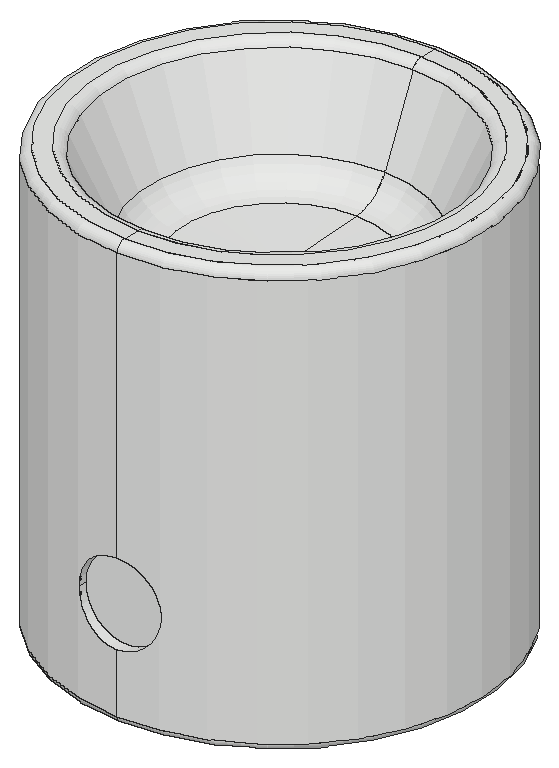
Revit family "Faucet-Handle-KOHLER-COMPOSED-K-20449T", category Specialty Equipment, host Face, Revit 2017
Family settings
  Host = Face
  Round Connector Dimension = Use Diameter
  Part Type = Normal
  OmniClass Number = 23.31.25.00
  Cut with Voids When Loaded = No
  Shared = No
  Room Calculation Point = No
Parameters (values of type "0-White")
  Width = 1 87/256"  # constant formula
  WaterSense Certified = 1 = 0  # no
  URL = "http://www.kohler.com.cn/"
  Type = 1
  Product Page URL = ""
  Product Name = "COMPOSED\r\n"  # constant formula
  Product Documentation Link = ""
  Model = if(Type = 1, "K-20449T-B7-0", if(Type = 2, "K-20449T-B7-BL", if(Type = 3, "K-20449T-B7-RGD", if(Type = 4, "K-20449T-B7-TT", "NA"))))  # "K-20449T-B7-0"
  Material = "Brass Construction"  # constant formula
  Master Format 2014 Name = "Toilet, Bath, and Laundry Accessories"  # constant formula
  Master Format 2014 = "10 28 00"  # constant formula
  Manufacturer Address = "Kohler Beijing Office (100016)\n36-2-03-B, No. 88, Liuxiang Road, Beijing"  # constant formula
  Manufacturer = "KOHLER Co."  # constant formula
  Length = 1 117/256"  # constant formula
  Height = 1 87/256"  # constant formula
  Finish = Kohler-Metal-0-White
  Environmental Product Declaration = ""
  Description = "Composed Faucet Lavatory Handles"  # constant formula
  Default Elevation = 42"
  Declare Label = ""
  Date Modified = "10/18/2021"  # constant formula
  Date Created = "10/18/2021"  # constant formula
  Copyright = "Copyright KOHLER Co."  # constant formula
  Contact Us = "http://www.kohler.com.cn/contact/contact-us/"
  Assembly Code = "C1030200"
  ADA Compliant = 1 = 0  # no
Types (5): name | Type | Model | Finish
  (no name) | 1 | "K-20449T-B7-0" | Kohler-Metal-0-White
  0-White | 1 | "K-20449T-B7-0" | Kohler-Metal-0-White
  BL-Matte Black | 2 | "K-20449T-B7-BL" | Kohler-Metal-BL-Matte_Black
  RGD-Rose Gold | 3 | "K-20449T-B7-RGD" | Kohler-Metal-RGD-Rose_Gold
  TT-Titanium Silver | 4 | "K-20449T-B7-TT" | Kohler-Metal-TT-Titanium_Silver
Reference planes (in)
  plane 1 "Center (Front/Back)": y = 0
  plane 2: z = 0
  plane 3 "Center (Left/Right)": x = 0
  plane 4: y = 0.66929
  plane 5: x = 0.66929
  plane 6: x = -0.67055
  plane 7: y = -0.67055
  plane 8: z = 1.45703
  plane 9: z = 0.03937
Dimensions and locks (in)
  "Width": plane 6 to plane 5
  "Height": plane 4 to plane 7
  "Length": level to plane 8
  aligned and locked: plane 2 to host face
  aligned and locked: level to host face
Automatic sketch dimensions
  host sketch curve to host sketch curve = 96"  (x2)
Nested families (in)
  nested 1: "K-20449T" at (0, 0, 0), type "K-20449T"
Definition of nested family "K-20449T"
  Parameters (values of type "K-20449T")
    Material = none
  Reference planes (in)
    plane 1 "Center (Front/Back)": y = 0
    plane 2: z = 0
    plane 3 "Center (Left/Right)": x = 0
    plane 4: y = 0.66929
    plane 5: x = 0.66929
    plane 6: x = -0.66929
    plane 7: y = -0.66929
    plane 8: z = 1.45669
    plane 9: z = 0.03937
  Forms (in)
    Revolve 1, solid, material <- "Material", detail levels medium+fine
      sketch origin (0, 0, 0) x (0, 1, 0) y (0, 0, 1)
        loop
          line (-0.43148, 1.1829) -> (-0.54818, 1.43315)
          arc (-0.54818, 1.43315) -> (-0.56322, 1.45031) -> (-0.58513, 1.45669) r 0.04077
          line (-0.58513, 1.45669) -> (-0.63965, 1.45669)
          arc (-0.63965, 1.45669) -> (-0.66061, 1.44801) -> (-0.66929, 1.42706) r 0.02964
          line (-0.66929, 1.42706) -> (-0.66929, 0.05964)
          arc (-0.66929, 0.05964) -> (-0.66335, 0.04531) -> (-0.64902, 0.03937) r 0.02027
          line (-0.64902, 0.03937) -> (-0.61155, 0.03937) -> (-0.59591, 0.08902) -> (-0.59591, 0.12188)
          arc (-0.59591, 0.12188) -> (-0.59324, 0.14524) -> (-0.58535, 0.16738) r 0.10322
          arc (-0.58535, 0.16738) -> (-0.55388, 0.25331) -> (-0.54108, 0.34392) r 0.43498
          line (-0.54108, 0.34392) -> (-0.52084, 0.92354)
          arc (-0.52084, 0.92354) -> (-0.49545, 0.98056) -> (-0.43759, 1.00394) r 0.0833
          line (-0.43759, 1.00394) -> (0, 1.00394) -> (0, 1.08973)
          arc (0, 1.08973) -> (-0.15892, 1.09393) -> (-0.31759, 1.10378) r 4.46364
          arc (-0.31759, 1.10378) -> (-0.38521, 1.12797) -> (-0.43148, 1.1829) r 0.1378
        axis (0, 1.45669) -> (0, 0.03937)
      angle from 0 to 360
    Extrusion 2, solid, material <- "Material", detail levels medium+fine
      sketch origin (0, 0, 0) x (1, 0, 0) y (0, 1, 0)
        loop
          arc (0.17913, 0.15939) -> (0.17335, 0.17335) -> (0.15939, 0.17913) r 0.01974
          line (0.15939, 0.17913) -> (0.08162, 0.17913)
          arc (0.08162, 0.17913) -> (0, 0.19882) -> (-0.08162, 0.17913) r 0.17904
          line (-0.08162, 0.17913) -> (-0.15744, 0.17913)
          arc (-0.15744, 0.17913) -> (-0.17278, 0.17278) -> (-0.17913, 0.15744) r 0.02169
          line (-0.17913, 0.15744) -> (-0.17913, 0.08162)
          arc (-0.17913, 0.08162) -> (-0.19882, 0) -> (-0.17913, -0.08162) r 0.17904
          line (-0.17913, -0.08162) -> (-0.17913, -0.15847)
          arc (-0.17913, -0.15847) -> (-0.17308, -0.17308) -> (-0.15847, -0.17913) r 0.02066
          line (-0.15847, -0.17913) -> (-0.10827, -0.17913)
          arc (-0.10827, -0.17913) -> (0, -0.21063) -> (0.10827, -0.17913) r 0.20183
          line (0.10827, -0.17913) -> (0.15859, -0.17913)
          arc (0.15859, -0.17913) -> (0.17312, -0.17312) -> (0.17913, -0.15859) r 0.02054
          line (0.17913, -0.15859) -> (0.17913, -0.08162)
          arc (0.17913, -0.08162) -> (0.19882, 0) -> (0.17913, 0.08162) r 0.17904
          line (0.17913, 0.08162) -> (0.17913, 0.15939)
        loop
          arc (-0.18035, 0.24608) -> (-0.21987, 0.22971) -> (-0.23624, 0.19019) r 0.05589
          line (-0.23624, 0.19019) -> (-0.23624, -0.19019)
          arc (-0.23624, -0.19019) -> (-0.21987, -0.22971) -> (-0.18035, -0.24608) r 0.05589
          line (-0.18035, -0.24608) -> (0.18035, -0.24608)
          arc (0.18035, -0.24608) -> (0.21987, -0.22971) -> (0.23624, -0.19019) r 0.05589
          line (0.23624, -0.19019) -> (0.23624, 0.19019)
          arc (0.23624, 0.19019) -> (0.21987, 0.22971) -> (0.18035, 0.24608) r 0.05589
          line (0.18035, 0.24608) -> (-0.18035, 0.24608)
      from 0 to 1.07511
    Extrusion 3, void
      sketch origin (0, 0, 0) x (1, 0, 0) y (0, 0, 1)
        loop
          circle (0, 0.39218) r 0.13519
      from 0.63121 to 0.72981
    Revolve 4, solid, material <- "Material", detail levels coarse
      sketch origin (0, 0, 0) x (0, 1, 0) y (0, 0, 1)
        loop
          line (0, 0) -> (0.66929, 0) -> (0.66929, 1.45669) -> (0.55047, 1.45669) -> (0.37173, 1.1059) -> (0, 1.1059) -> (0, 0)
        axis (0, 1.45669) -> (0, 0)
      angle from 0 to 360
  Cuts and joins
    Extrusion 3 cuts Revolve 1
    joined: Revolve 1, Extrusion 2
  Lines and regions (in)
    Masking region 1
      outline origin (0, 0, 0) x (0, 1, 0) y (0, 0, 1)
        loop
          line (0, 0) -> (0.24608, 0) -> (0.24608, 0.03937) -> (0.64911, 0.03937)
          arc (0.64911, 0.03937) -> (0.66338, 0.04528) -> (0.66929, 0.05955) r 0.02018
          line (0.66929, 0.05955) -> (0.66929, 0.2) -> (0.66929, 1.42839)
          arc (0.66929, 1.42839) -> (0.661, 1.4484) -> (0.64099, 1.45669) r 0.0283
          line (0.64099, 1.45669) -> (0, 1.45669) -> (-0.64099, 1.45669)
          arc (-0.64099, 1.45669) -> (-0.661, 1.4484) -> (-0.66929, 1.42839) r 0.0283
          line (-0.66929, 1.42839) -> (-0.66929, 0.52735)
          arc (-0.66929, 0.52735) -> (-0.65549, 0.39217) -> (-0.66929, 0.25699) r 0.66914
          line (-0.66929, 0.25699) -> (-0.66929, 0.05955)
          arc (-0.66929, 0.05955) -> (-0.66338, 0.04528) -> (-0.64911, 0.03937) r 0.02018
          line (-0.64911, 0.03937) -> (-0.24608, 0.03937) -> (-0.24608, 0) -> (0, 0)
    Masking region 2
      outline origin (0, 0, 0) x (1, 0, 0) y (0, 0, 1)
        loop
          line (0, 0) -> (0.23624, 0) -> (0.23624, 0.03937) -> (0.64911, 0.03937)
          arc (0.64911, 0.03937) -> (0.66338, 0.04528) -> (0.66929, 0.05955) r 0.02018
          line (0.66929, 0.05955) -> (0.66929, 0.2) -> (0.66929, 1.42839)
          arc (0.66929, 1.42839) -> (0.661, 1.4484) -> (0.64099, 1.45669) r 0.0283
          line (0.64099, 1.45669) -> (0, 1.45669) -> (-0.64099, 1.45669)
          arc (-0.64099, 1.45669) -> (-0.661, 1.4484) -> (-0.66929, 1.42839) r 0.0283
          line (-0.66929, 1.42839) -> (-0.66929, 0.2) -> (-0.66929, 0.05955)
          arc (-0.66929, 0.05955) -> (-0.66338, 0.04528) -> (-0.64911, 0.03937) r 0.02018
          line (-0.64911, 0.03937) -> (-0.23624, 0.03937) -> (-0.23624, 0) -> (0, 0)
    Masking region 3
      outline origin (0, 0, 0) x (1, 0, 0) y (0, 1, 0)
        loop
          circle (0, 0) r 0.66929
    symbolic lines, detail levels medium+fine
      curve 1: line (0, -0.24608, 0.03937) -> (0, 0.24608, 0.03937)
      curve 2: line (0, -0.17913, 0) -> (0, -0.17913, 0.03937)
      curve 3: line (0, 0.17913, 0) -> (0, 0.17913, 0.03937)
      curve 4: line (0.23624, 0, 0.03937) -> (-0.23624, 0, 0.03937)
      curve 5: line (0.19928, 0, 0) -> (0.19928, 0, 0.03937)
      curve 6: line (-0.19928, 0, 0) -> (-0.19928, 0, 0.03937)
      curve 7: circle (0, 0, 0) r 0.6128 normal (0, 0, 1)
      curve 8: circle (0, 0, 0) r 0.59588 normal (0, 0, 1)
      curve 9: circle (0, 0, 0) r 0.48819 normal (0, 0, 1)
      curve 10: circle (0, 0, 0) r 0.35433 normal (0, 0, 1)
      curve 11: circle (0, 0, 0) r 0.65386 normal (0, 0, 1)
      curve 12: line (0, -0.66929, 1.42839) -> (0, 0.66929, 1.42839)
      curve 13: line (0.66929, 0, 1.42839) -> (-0.66929, 0, 1.42839)
  Dimensions and locks (in)
    aligned and locked: plane 2 to level
